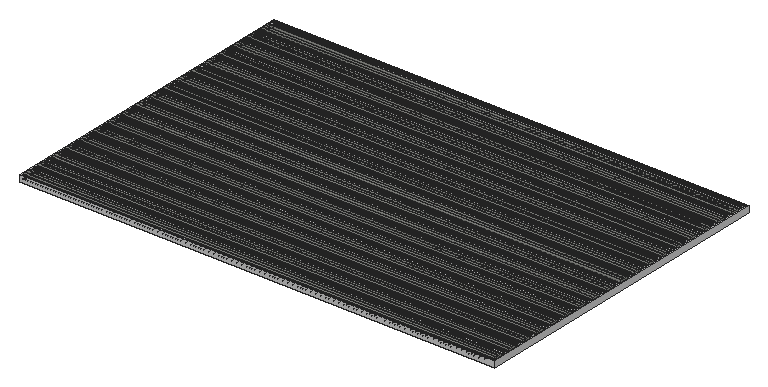
Revit family "Flooring_Entrance_Fuma_TopCleanTrend-Mit-Rips-Und-Kratzleiste_DE", category Allgemeines Modell, Revit 2018
Family settings
  Kann Basisbauteil für Bewehrung sein = Nein
  Bemaßung runder Anschluss = Durchmesser verwenden
  Teiletyp = Normal
  Arbeitsebenenbasiert = Nein
  Immer vertikal = Ja
  Beim Laden mit Abzugskörper schneiden = Nein
  Gemeinsam genutzt = Nein
  Raumberechnungspunkt = Nein
Parameters (values of type "Teppichlänge 10 mm")
  Technische Daten = "https://www.fuma.com/produkte/eingangsmatten/aluprofilmatten/top-clean-trend"
  Rips = Polypropylen - Fuma - Rips
  Produktinformation = "Diese Systemkombination punktet mit einer hochwirksamen Reinigungsleistung. Die zwischen den Profilen eingesetzten Kratzleisten erhöhen den Reinigungseffekt der Fußmatte. Zugleich werden somit die"
  Product avaibility = "weltweit\r\n"  # constant formula
  Modell-Nr = "12225 K"
  Maximale Belastung = "3.000 kg"
  Hersteller Land = "Deutschland"  # constant formula
  Minimale Teppichlänge = 300 mm  # constant formula
  Maximale Teppichlänge = 10000 mm  # constant formula
  Länge des Teppichs = 1200 mm
  Minimale Teppichbreite = 300 mm  # constant formula
  Maximale Teppichbreite = 10000 mm  # constant formula
  Edition number = 2
  Breite des Teppichs = 800 mm
  Grosse Denier = yes
  Rahmen Material = "Aluminium oder Edelstahl"
  Feine Leugner = no
  Beginn des Pinsels = Angepasste Wiederholung / 2  # 22.042 mm
  Kratzleiste = Kratzleiste - Fuma
  Abstandseinstellung = (Breite des aktuellen Teppichs - (Anzahl der aktuellen Profile * Versuchswiederholung)) / Anzahl der aktuellen Profile * 0.75  # 1.083 mm
  Versuchswiederholung = Profilbreite + Abstand zwischen den Profilen 4 6 oder 8mm + 10 mm  # 43 mm
  URL = "https://www.fuma.com/"
  Telefon = " +49 7248 450 73 0\r\n"  # constant formula
  Type Comments = ""
  Tiefen Teppich = 2.8 mm
  Angepasste Wiederholung = Versuchswiederholung + Abstandseinstellung  # 44.083 mm
  Anzahl der aktuellen Profile = rounddown(Breite des aktuellen Teppichs / Versuchswiederholung)  # 18
  Modell = "TopCleanTrend® mit Rips und Kratzleiste"
  Hersteller = "fuma Hauszubehör GmbH"  # constant formula
  Aktuelle Länge = Aktuelle Teppichlänge - (Dicke des Rahmenprofils + 2 mm) * 2  # 1190 mm
  Aktuelle Teppichlänge = if(Länge des Teppichs < Minimale Teppichlänge, Minimale Teppichlänge, if(Länge des Teppichs > Maximale Teppichlänge, Maximale Teppichlänge, Länge des Teppichs))  # 1200 mm
  Profil = Aluminum - Fuma - Grun
  Breite des Rahmenprofils = (Profilbreite + Abstand zwischen den Profilen 4 6 oder 8mm) / 2  # 16.5 mm
  Profilbreite = 27 mm
  Aktuelle Breite = Anzahl der aktuellen Profile * Angepasste Wiederholung + 2 mm  # 795.5 mm
  Breite des aktuellen Teppichs = if(Breite des Teppichs < Minimale Teppichbreite, Minimale Teppichbreite, if(Breite des Teppichs > Maximale Teppichbreite, Maximale Teppichbreite, Breite des Teppichs))  # 800 mm
  Rahmenhöhe = 15 mm
  Dicke des Teppichs = 10 mm
  Dicke des Rahmenprofils = 3 mm  # constant formula
  E-mail = "info@fuma.com"  # constant formula
  Abstand zwischen den Profilen 4 6 oder 8mm = 6 mm
  Entfernungsprofil = 10.2 mm
  Description = ""
  Gummi = Gummi - Fuma - Schwarz
  Anschrift = "Reutäckerstraße 9, 76307 Karlsbad, DE"  # constant formula
Types (4, lengths in mm): name | Grosse Denier | Feine Leugner | Tiefen Teppich | Rahmenhöhe | Dicke des Teppichs | Entfernungsprofil
  Teppichlänge 10 mm | yes | no | 2.8 | 15 | 10 | 10.2
  Teppichlänge 27 mm | no | yes | 5 | 30 | 27 | 23
  Teppichlänge 22 mm | yes | no | 5 | 25 | 22 | 18
  Teppichlänge 17 mm | yes | no | 3 | 20 | 17 | 13.5
Reference planes
  plane 1 "Center (Front/Back)": y = 0
  plane 2: z = 0
  plane 3 "Center (Left/Right)": x = 0
  plane 4: y = 800
  plane 5: x = 1200
Forms (mm)
  Sweep 1, solid, material "Aluminum - Fuma - Grun" <- "Profil"
    path origin (0, 0, 0) x (1, 0, 0) y (0, 1, 0)
      loop
        line (0, 800) -> (0, 0) -> (1200, 0) -> (1200, 800) -> (0, 800)
    profile origin (600, 800, 0) x (0, 1, 0) y (0, 0, 1)
      loop
        line (0, -3) -> (0, 12) -> (-3, 12) -> (-3, 0) -> (-16.5, 0) -> (-16.5, -3) -> (0, -3)
Dimensions and locks
  equal spacing: group 1, group 2, group 3, group 4, group 9, group 10, group 13, group 15, group 16, group 17, group 18, group 19, group 20, group 21, group 22, group 23, group 24, group 35  (x3)
  "Aktuelle Teppichlänge": plane 5 to plane 3 "Center (Left/Right)"
  "Breite des aktuellen Teppichs": plane 4 to plane 1 "Center (Front/Back)"
  "Dicke des Rahmenprofils": Sweep 1 sketch curve to Sweep 1 sketch curve  (x2)
  "Rahmenhöhe": Sweep 1 sketch curve to Sweep 1 sketch curve
  "Breite des Rahmenprofils": Sweep 1 sketch curve to Sweep 1 sketch curve
  locked: plane 1 "Center (Front/Back)" to nested 1 at 4
  "Angepasste Wiederholung": nested 1 to nested 2
  equal spacing: group 5, group 6, group 7, group 8, group 11, group 12, group 14, group 25, group 26, group 27, group 28, group 29, group 30, group 31, group 32, group 33, group 34, group 36  (x3)
  "Angepasste Wiederholung": nested 6 to nested 5
  "Beginn des Pinsels": nested 5 to nested 1
  aligned and locked: Sweep 1 sketch curve to plane 5
  aligned and locked: plane 3 "Center (Left/Right)" to Sweep 1 sketch curve
  aligned and locked: Sweep 1 sketch curve to plane 4
  aligned and locked: Sweep 1 sketch curve to plane 1 "Center (Front/Back)"
Automatic sketch dimensions
  Sweep 1 sketch curve to level = 0 mm
  Sweep 1 sketch curve to profile plane = 0 mm
Nested families
  nested 1: "Ribbed Carpet" at (4, 17.472, 0), type "Ribbed Carpet"
  nested 2: "Ribbed Carpet" at (4, 61.555, 0), type "Ribbed Carpet"
  nested 3: "Ribbed Carpet" at (4, 105.639, 0), type "Ribbed Carpet"
  nested 4: "Ribbed Carpet" at (4, 149.722, 0), type "Ribbed Carpet"
  nested 5: "Scraper Bar" at (4, 39.514, 0), type "Scraper Bar"
    with Trend 22 no, Trend 10 yes, Profondeur Tapis 2.8 mm, Hauteur 10 mm, Distance profil 10.2 mm
  nested 6: "Scraper Bar" at (4, 83.597, 0), type "Scraper Bar"
    with Trend 22 no, Trend 10 yes, Profondeur Tapis 2.8 mm, Hauteur 10 mm, Distance profil 10.2 mm
  nested 7: "Scraper Bar" at (4, 127.68, 0), type "Scraper Bar"
    with Trend 22 no, Trend 10 yes, Profondeur Tapis 2.8 mm, Hauteur 10 mm, Distance profil 10.2 mm
  nested 8: "Scraper Bar" at (4, 171.764, 0), type "Scraper Bar"
    with Trend 22 no, Trend 10 yes, Profondeur Tapis 2.8 mm, Hauteur 10 mm, Distance profil 10.2 mm
  nested 9: "Ribbed Carpet" at (4, 193.805, 0), type "Ribbed Carpet"
  nested 10: "Ribbed Carpet" at (4, 237.889, 0), type "Ribbed Carpet"
  nested 11: "Scraper Bar" at (4, 215.847, 0), type "Scraper Bar"
    with Trend 22 no, Trend 10 yes, Profondeur Tapis 2.8 mm, Hauteur 10 mm, Distance profil 10.2 mm
  nested 12: "Scraper Bar" at (4, 259.93, 0), type "Scraper Bar"
    with Trend 22 no, Trend 10 yes, Profondeur Tapis 2.8 mm, Hauteur 10 mm, Distance profil 10.2 mm
  nested 13: "Ribbed Carpet" at (4, 281.972, 0), type "Ribbed Carpet"
  nested 14: "Scraper Bar" at (4, 304.014, 0), type "Scraper Bar"
    with Trend 22 no, Trend 10 yes, Profondeur Tapis 2.8 mm, Hauteur 10 mm, Distance profil 10.2 mm
  nested 15: "Ribbed Carpet" at (4, 326.055, 0), type "Ribbed Carpet"
  nested 16: "Ribbed Carpet" at (4, 370.139, 0), type "Ribbed Carpet"
  nested 17: "Ribbed Carpet" at (4, 414.222, 0), type "Ribbed Carpet"
  nested 18: "Ribbed Carpet" at (4, 458.305, 0), type "Ribbed Carpet"
  nested 19: "Ribbed Carpet" at (4, 502.389, 0), type "Ribbed Carpet"
  nested 20: "Ribbed Carpet" at (4, 546.472, 0), type "Ribbed Carpet"
  nested 21: "Ribbed Carpet" at (4, 590.555, 0), type "Ribbed Carpet"
  nested 22: "Ribbed Carpet" at (4, 634.639, 0), type "Ribbed Carpet"
  nested 23: "Ribbed Carpet" at (4, 678.722, 0), type "Ribbed Carpet"
  nested 24: "Ribbed Carpet" at (4, 722.805, 0), type "Ribbed Carpet"
  nested 25: "Scraper Bar" at (4, 348.097, 0), type "Scraper Bar"
    with Trend 22 no, Trend 10 yes, Profondeur Tapis 2.8 mm, Hauteur 10 mm, Distance profil 10.2 mm
  nested 26: "Scraper Bar" at (4, 392.18, 0), type "Scraper Bar"
    with Trend 22 no, Trend 10 yes, Profondeur Tapis 2.8 mm, Hauteur 10 mm, Distance profil 10.2 mm
  nested 27: "Scraper Bar" at (4, 436.264, 0), type "Scraper Bar"
    with Trend 22 no, Trend 10 yes, Profondeur Tapis 2.8 mm, Hauteur 10 mm, Distance profil 10.2 mm
  nested 28: "Scraper Bar" at (4, 480.347, 0), type "Scraper Bar"
    with Trend 22 no, Trend 10 yes, Profondeur Tapis 2.8 mm, Hauteur 10 mm, Distance profil 10.2 mm
  nested 29: "Scraper Bar" at (4, 524.43, 0), type "Scraper Bar"
    with Trend 22 no, Trend 10 yes, Profondeur Tapis 2.8 mm, Hauteur 10 mm, Distance profil 10.2 mm
  nested 30: "Scraper Bar" at (4, 568.514, 0), type "Scraper Bar"
    with Trend 22 no, Trend 10 yes, Profondeur Tapis 2.8 mm, Hauteur 10 mm, Distance profil 10.2 mm
  nested 31: "Scraper Bar" at (4, 612.597, 0), type "Scraper Bar"
    with Trend 22 no, Trend 10 yes, Profondeur Tapis 2.8 mm, Hauteur 10 mm, Distance profil 10.2 mm
  nested 32: "Scraper Bar" at (4, 656.68, 0), type "Scraper Bar"
    with Trend 22 no, Trend 10 yes, Profondeur Tapis 2.8 mm, Hauteur 10 mm, Distance profil 10.2 mm
  nested 33: "Scraper Bar" at (4, 700.764, 0), type "Scraper Bar"
    with Trend 22 no, Trend 10 yes, Profondeur Tapis 2.8 mm, Hauteur 10 mm, Distance profil 10.2 mm
  nested 34: "Scraper Bar" at (4, 744.847, 0), type "Scraper Bar"
    with Trend 22 no, Trend 10 yes, Profondeur Tapis 2.8 mm, Hauteur 10 mm, Distance profil 10.2 mm
  nested 35: "Ribbed Carpet" at (4, 766.889, 0), type "Ribbed Carpet"
  nested 36: "Scraper Bar" at (4, 788.93, 0), type "Scraper Bar"
    with Trend 22 no, Trend 10 yes, Profondeur Tapis 2.8 mm, Hauteur 10 mm, Distance profil 10.2 mm
Definition of nested family "Ribbed Carpet"
  Parameters (values of type "Top Clean Profile")
    Trend 42 = Hauteur = 42 mm  # no
    Trend 27 = Hauteur = 27 mm  # no
    Trend 22 = Hauteur = 22 mm  # no
    Trend 17 = Hauteur = 17 mm  # no
    Trend 13 = Hauteur = 13 mm  # no
    Trend 10 = Hauteur = 10 mm  # yes
    URL = "https://www.geggus.fr/"
    Profondeur Tapis = 2.8 mm
    Model = "Top Clean TREND®"
    Manufacturer = "Geggus"
    Longueur = 1190 mm
    Profile = none
    Hauteur = 10 mm
    Gros deniers = yes
    Fins deniers = no
    Distance profil = 10.2 mm
    Caoutchouc = none
    Brosse = none
  Reference planes
    plane 1 "Center (Front/Back)": y = 0
    plane 2: z = 0
    plane 3 "Center (Left/Right)": x = 0
    plane 4: z = 10.2
    plane 5: z = 7.4
    plane 6: z = 7.4
    plane 7: z = 10.2
  Forms (mm)
    Extrusion 1, solid, material <- "Profile", visible <- "Trend 17"
      sketch origin (0, 0, 0) x (0, 1, 0) y (0, 0, 1)
        loop
          line (12.528, 9.5) -> (-12.472, 9.5) -> (-12.472, 6.7) -> (12.528, 6.7) -> (12.528, 9.5)
        loop
          line (12.028, 10.5) -> (-11.972, 10.5) -> (-11.972, 13.5) -> (-10.982, 13.5) -> (-10.982, 14.5) -> (-13.472, 14.5) -> (-13.472, 2) -> (-11.175, 2) -> (-11.175, 3) -> (-12.472, 3) -> (-12.472, 5.5) -> (-7.372, 5.5) -> (-7.372, 3) -> (-8.681, 3) -> (-8.681, 2) -> (-6.372, 2) -> (-6.372, 5.5) -> (6.428, 5.5) -> (6.428, 2) -> (8.737, 2) -> (8.737, 3) -> (7.428, 3) -> (7.428, 5.5) -> (12.528, 5.5) -> (12.528, 3) -> (11.231, 3) -> (11.231, 2) -> (13.528, 2) -> (13.528, 14.5) -> (11.038, 14.5) -> (11.038, 13.5) -> (12.028, 13.5) -> (12.028, 10.5)
      from 0 to 1190 <- "Longueur"
    Extrusion 2, solid, material <- "Caoutchouc"
      sketch origin (0, -9.881, 7.713) x (0, -1, 0) y (0, 0, -1)
        loop
          line (1.319, 5.713) -> (2.983, 5.713)
          arc (2.983, 5.713) -> (3.327, 5.932) -> (3.274, 6.337) r 0.38
          line (3.274, 6.337) -> (2.119, 7.713) -> (-1.881, 7.713) -> (-3.035, 6.337)
          arc (-3.035, 6.337) -> (-3.088, 5.932) -> (-2.744, 5.713) r 0.38
          line (-2.744, 5.713) -> (-1.081, 5.713) -> (-1.081, 4.76) -> (-1.866, 4.377)
          arc (-1.866, 4.377) -> (-2.114, 3.98) -> (-1.866, 3.583) r 0.442
          line (-1.866, 3.583) -> (-0.765, 3.046)
          arc (-0.765, 3.046) -> (0.119, 2.842) -> (1.004, 3.046) r 2.019
          line (1.004, 3.046) -> (2.105, 3.583)
          arc (2.105, 3.583) -> (2.353, 3.98) -> (2.105, 4.377) r 0.442
          line (2.105, 4.377) -> (1.319, 4.76) -> (1.319, 5.713)
        loop
          line (-21.081, 5.713) -> (-21.081, 4.76) -> (-21.866, 4.377)
          arc (-21.866, 4.377) -> (-22.114, 3.98) -> (-21.866, 3.583) r 0.442
          line (-21.866, 3.583) -> (-20.765, 3.046)
          arc (-20.765, 3.046) -> (-19.881, 2.842) -> (-18.996, 3.046) r 2.019
          line (-18.996, 3.046) -> (-17.895, 3.583)
          arc (-17.895, 3.583) -> (-17.647, 3.98) -> (-17.895, 4.377) r 0.442
          line (-17.895, 4.377) -> (-18.681, 4.76) -> (-18.681, 5.713) -> (-17.017, 5.713)
          arc (-17.017, 5.713) -> (-16.673, 5.932) -> (-16.726, 6.337) r 0.38
          line (-16.726, 6.337) -> (-17.881, 7.713) -> (-21.881, 7.713) -> (-23.035, 6.337)
          arc (-23.035, 6.337) -> (-23.088, 5.932) -> (-22.744, 5.713) r 0.38
          line (-22.744, 5.713) -> (-21.081, 5.713)
      from 0 to 1190 <- "Longueur"
    Extrusion 3, solid, material <- "Brosse", visible <- "Gros deniers"
      sketch origin (0, 0.264, 37.152) x (0, 1, 0) y (0, 0, 1)
        loop
          arc (11.75, -27.533) -> (11.58, -27.122) -> (11.169, -26.952) r 0.581
          line (11.169, -26.952) -> (9.75, -26.952) -> (9.992, -26.206)
          arc (9.992, -26.206) -> (7.6, -22.913) -> (5.208, -26.206) r 2.516
          line (5.208, -26.206) -> (5.45, -26.952) -> (1.89, -26.952) -> (2.132, -26.206)
          arc (2.132, -26.206) -> (-0.26, -22.913) -> (-2.652, -26.206) r 2.516
          line (-2.652, -26.206) -> (-2.41, -26.952) -> (-5.95, -26.952) -> (-5.708, -26.206)
          arc (-5.708, -26.206) -> (-8.1, -22.913) -> (-10.492, -26.206) r 2.516
          line (-10.492, -26.206) -> (-10.25, -26.952) -> (-11.607, -26.952)
          arc (-11.607, -26.952) -> (-12.062, -27.14) -> (-12.25, -27.595) r 0.643
          line (-12.25, -27.595) -> (-12.25, -29.149)
          arc (-12.25, -29.149) -> (-12.073, -29.576) -> (-11.647, -29.752) r 0.603
          line (-11.647, -29.752) -> (11.12, -29.752)
          arc (11.12, -29.752) -> (11.566, -29.568) -> (11.75, -29.122) r 0.63
          line (11.75, -29.122) -> (11.75, -27.533)
      from 0 to 1190 <- "Longueur"
    Extrusion 4, solid, material <- "Brosse", visible <- "Fins deniers"
      sketch origin (0, 0.014, 25.086) x (0, 1, 0) y (0, 0, 1)
        loop
          line (11.75, -14.886) -> (10.022, -14.886) -> (10.288, -13.376)
          arc (10.288, -13.376) -> (8.35, -10.881) -> (6.412, -13.376) r 2
          line (6.412, -13.376) -> (6.678, -14.886) -> (4.472, -14.886) -> (4.738, -13.376)
          arc (4.738, -13.376) -> (2.8, -10.881) -> (0.862, -13.376) r 2
          line (0.862, -13.376) -> (1.128, -14.886) -> (-1.128, -14.886) -> (-0.862, -13.376)
          arc (-0.862, -13.376) -> (-2.8, -10.881) -> (-4.738, -13.376) r 2
          line (-4.738, -13.376) -> (-4.472, -14.886) -> (-6.678, -14.886) -> (-6.412, -13.376)
          arc (-6.412, -13.376) -> (-8.35, -10.881) -> (-10.288, -13.376) r 2
          line (-10.288, -13.376) -> (-10.022, -14.886) -> (-11.75, -14.886) -> (-11.75, -17.686) -> (11.75, -17.686) -> (11.75, -14.886)
      from 0 to 1190 <- "Longueur"
    Extrusion 5, solid, material <- "Profile", visible <- "Trend 22"
      sketch origin (0, 0.25, 15.623) x (0, 1, 0) y (0, 0, 1)
        loop
          line (8.549, -13.623) -> (8.549, -12.67) -> (7.498, -12.67) -> (7.498, -9.628) -> (12.25, -9.628) -> (12.25, -12.67) -> (10.95, -12.67) -> (10.95, -13.623) -> (12.563, -13.623)
          arc (12.563, -13.623) -> (13.049, -13.422) -> (13.25, -12.937) r 0.687
          line (13.25, -12.937) -> (13.25, 3.375) -> (13, 2.442) -> (12.75, 3.375) -> (12.508, 2.472) -> (12.249, 3.374) -> (12, 2.504) -> (11.75, 3.375)
          arc (11.75, 3.375) -> (11.003, 2.872) -> (11.75, 2.37) r 0.542
          line (11.75, 2.37) -> (11.75, -2.619) -> (-12.25, -2.619) -> (-12.25, 2.37)
          arc (-12.25, 2.37) -> (-11.503, 2.872) -> (-12.25, 3.375) r 0.542
          line (-12.25, 3.375) -> (-12.5, 2.504) -> (-12.749, 3.374) -> (-13.008, 2.472) -> (-13.25, 3.375) -> (-13.5, 2.442) -> (-13.75, 3.375) -> (-13.75, -12.937)
          arc (-13.75, -12.937) -> (-13.549, -13.422) -> (-13.063, -13.623) r 0.687
          line (-13.063, -13.623) -> (-11.45, -13.623) -> (-11.45, -12.67) -> (-12.75, -12.67) -> (-12.75, -9.628) -> (-7.998, -9.628) -> (-7.998, -12.67) -> (-9.049, -12.67) -> (-9.049, -13.623) -> (-6.75, -13.623) -> (-6.75, -9.628) -> (6.25, -9.628) -> (6.25, -13.623) -> (8.549, -13.623)
        loop
          arc (11.684, -8.63) -> (12.084, -8.464) -> (12.25, -8.063) r 0.566
          line (12.25, -8.063) -> (12.25, -4.232)
          arc (12.25, -4.232) -> (12.074, -3.807) -> (11.65, -3.632) r 0.6
          line (11.65, -3.632) -> (-12.19, -3.632)
          arc (-12.19, -3.632) -> (-12.586, -3.796) -> (-12.75, -4.191) r 0.56
          line (-12.75, -4.191) -> (-12.75, -8.023)
          arc (-12.75, -8.023) -> (-12.572, -8.452) -> (-12.144, -8.63) r 0.606
          line (-12.144, -8.63) -> (11.684, -8.63)
      from 0 to 1190 <- "Longueur"
    Extrusion 6, solid, material <- "Profile", visible <- "Trend 27"
      sketch origin (0, -0.028, 0) x (0, 1, 0) y (0, 0, 1)
        loop
          line (11.028, 16.864) -> (-10.972, 16.864)
          arc (-10.972, 16.864) -> (-11.679, 16.571) -> (-11.972, 15.864) r 1
          line (-11.972, 15.864) -> (-11.972, 8.201)
          arc (-11.972, 8.201) -> (-11.679, 7.494) -> (-10.972, 7.201) r 1
          line (-10.972, 7.201) -> (11.028, 7.201)
          arc (11.028, 7.201) -> (11.735, 7.494) -> (12.028, 8.201) r 1
          line (12.028, 8.201) -> (12.028, 15.864)
          arc (12.028, 15.864) -> (11.735, 16.571) -> (11.028, 16.864) r 1
        loop
          line (12.028, 18.021) -> (-11.972, 18.021) -> (-11.972, 23.003) -> (-10.982, 23.003) -> (-10.982, 24.003) -> (-13.472, 24.003) -> (-13.472, 2) -> (-11.175, 2) -> (-11.175, 3) -> (-12.472, 3) -> (-12.472, 5.966) -> (-7.372, 5.966) -> (-7.372, 3) -> (-8.681, 3) -> (-8.681, 2) -> (-6.372, 2) -> (-6.372, 5.966) -> (6.428, 5.966) -> (6.428, 2) -> (8.737, 2) -> (8.737, 3) -> (7.428, 3) -> (7.428, 5.966) -> (12.528, 5.966) -> (12.528, 3) -> (11.231, 3) -> (11.231, 2) -> (13.528, 2) -> (13.528, 24.003) -> (11.038, 24.003) -> (11.038, 23.003) -> (12.028, 23.003) -> (12.028, 18.021)
      from 0 to 1190 <- "Longueur"
    Extrusion 7, solid, material <- "Profile", visible <- "Trend 10"
      sketch origin (0, 0, 8.025) x (0, 1, 0) y (0, 0, 1)
        loop
          line (8.804, -6.025) -> (8.804, -5.072) -> (7.498, -5.072) -> (7.498, -2.031) -> (12.498, -2.031) -> (12.498, -5.072) -> (11.204, -5.072) -> (11.204, -6.025) -> (12.626, -6.025)
          arc (12.626, -6.025) -> (13.263, -5.761) -> (13.527, -5.124) r 0.902
          line (13.527, -5.124) -> (13.527, 2.339)
          arc (13.527, 2.339) -> (13.624, 2.92) -> (13.25, 3.375) r 0.711
          line (13.25, 3.375) -> (13, 2.442) -> (12.75, 3.375) -> (12.508, 2.472) -> (12.249, 3.374) -> (12, 2.504) -> (11.75, 3.375)
          arc (11.75, 3.375) -> (11.003, 2.872) -> (11.75, 2.37) r 0.542
          line (11.75, 2.37) -> (11.75, -0.638) -> (-11.75, -0.638) -> (-11.75, 2.37)
          arc (-11.75, 2.37) -> (-11.003, 2.872) -> (-11.75, 3.375) r 0.542
          line (-11.75, 3.375) -> (-12, 2.504) -> (-12.249, 3.374) -> (-12.508, 2.472) -> (-12.75, 3.375) -> (-13, 2.442) -> (-13.25, 3.375)
          arc (-13.25, 3.375) -> (-13.624, 2.92) -> (-13.527, 2.339) r 0.711
          line (-13.527, 2.339) -> (-13.527, -5.124)
          arc (-13.527, -5.124) -> (-13.263, -5.761) -> (-12.626, -6.025) r 0.902
          line (-12.626, -6.025) -> (-11.204, -6.025) -> (-11.204, -5.072) -> (-12.498, -5.072) -> (-12.498, -2.031) -> (-7.498, -2.031) -> (-7.498, -5.072) -> (-8.804, -5.072) -> (-8.804, -6.025) -> (8.804, -6.025)
        loop
          line (-5.764, -5.072) -> (5.764, -5.072)
          arc (5.764, -5.072) -> (6.289, -4.855) -> (6.506, -4.329) r 0.743
          line (6.506, -4.329) -> (6.506, -2.723)
          arc (6.506, -2.723) -> (6.303, -2.233) -> (5.814, -2.031) r 0.692
          line (5.814, -2.031) -> (-5.814, -2.031)
          arc (-5.814, -2.031) -> (-6.303, -2.233) -> (-6.506, -2.723) r 0.692
          line (-6.506, -2.723) -> (-6.506, -4.329)
          arc (-6.506, -4.329) -> (-6.289, -4.855) -> (-5.764, -5.072) r 0.743
      from 0 to 1190 <- "Longueur"
  Dimensions and locks
    "Profondeur Tapis": plane 5 to plane 4
    "Distance profil": level to plane 4
    "Profondeur Tapis": plane 6 to plane 7
    "Distance profil": plane 7 to level
    aligned and locked: plane 4 to Extrusion 4 sketch curve
    aligned and locked: Extrusion 4 sketch curve to Extrusion 4 sketch curve  (x4)
    aligned and locked: plane 6 to Extrusion 3 sketch curve
    aligned and locked: plane 7 to Extrusion 3 sketch curve
    aligned and locked: Extrusion 3 sketch curve to Extrusion 3 sketch curve  (x3)
  Automatic sketch dimensions
    plane 1 "Center (Front/Back)" to Extrusion 1 sketch curve = 13.472 mm
    Extrusion 1 sketch curve to Extrusion 1 sketch curve = 1 mm  (x12)
    Extrusion 1 sketch curve to Extrusion 1 sketch curve = 0.5 mm  (x2)
    Extrusion 1 sketch curve to Extrusion 1 sketch curve = 1.297 mm
    Extrusion 1 sketch curve to Extrusion 1 sketch curve = 0.99 mm  (x2)
    Extrusion 1 sketch curve to Extrusion 1 sketch curve = 2.495 mm  (x2)
    Extrusion 1 sketch curve to Extrusion 1 sketch curve = 1.309 mm  (x2)
    level to Extrusion 1 sketch curve = 2 mm  (x4)
    Extrusion 1 sketch curve to plane 1 "Center (Front/Back)" = 6.428 mm
    Extrusion 1 sketch curve to Extrusion 1 sketch curve = 3.61 mm
    Extrusion 1 sketch curve to Extrusion 1 sketch curve = 0 mm  (x3)
    Extrusion 1 sketch curve to Extrusion 1 sketch curve = 2.5 mm
    Extrusion 1 sketch curve to Extrusion 1 sketch curve = 1.2 mm
    Extrusion 1 sketch curve to Extrusion 1 sketch curve = 2.8 mm
    Extrusion 1 sketch curve to Extrusion 1 sketch curve = 3 mm  (x2)
    Extrusion 2 sketch curve to level = 0 mm  (x2)
    level to Extrusion 2 sketch curve = 1.376 mm  (x4)
    Extrusion 2 sketch curve to plane 1 "Center (Front/Back)" = 13.155 mm
    Extrusion 2 sketch curve to Extrusion 2 sketch curve = 0.291 mm  (x4)
    Extrusion 2 sketch curve to Extrusion 2 sketch curve = 1.155 mm  (x2)
    level to Extrusion 2 sketch curve = 4.13 mm  (x3)
    Extrusion 2 sketch curve to Extrusion 2 sketch curve = 0.878 mm  (x3)
    Extrusion 2 sketch curve to Extrusion 2 sketch curve = 0.194 mm  (x7)
    Extrusion 2 sketch curve to Extrusion 2 sketch curve = 0.592 mm  (x3)
    level to Extrusion 2 sketch curve = 4.667 mm  (x3)
    Extrusion 2 sketch curve to Extrusion 2 sketch curve = 1.1 mm  (x2)
    Extrusion 2 sketch curve to Extrusion 2 sketch curve = 1.2 mm  (x4)
    level to Extrusion 2 sketch curve = 2.953 mm  (x2)
    level to Extrusion 2 sketch curve = 3.336 mm  (x4)
    Extrusion 2 sketch curve to Extrusion 2 sketch curve = 0.8 mm  (x2)
    plane 1 "Center (Front/Back)" to Extrusion 2 sketch curve = 6.845 mm
    Extrusion 2 sketch curve to Extrusion 2 sketch curve = 0 mm
    Extrusion 2 sketch curve to Extrusion 2 sketch curve = 0.785 mm
    Extrusion 2 sketch curve to Extrusion 2 sketch curve = 1.77 mm
    Extrusion 2 sketch curve to Extrusion 2 sketch curve = 1.664 mm
    Extrusion 2 sketch curve to Extrusion 2 sketch curve = 0.794 mm
    Extrusion 2 sketch curve to Extrusion 2 sketch curve = 0.397 mm  (x2)
    Extrusion 2 sketch curve to Extrusion 2 sketch curve = 0.78 mm  (x2)
    Extrusion 2 sketch curve to Extrusion 2 sketch curve = 0.101 mm  (x2)
    Extrusion 2 sketch curve to Extrusion 2 sketch curve = 0.953 mm  (x3)
    Extrusion 2 sketch curve to Extrusion 2 sketch curve = 0.624 mm
    plane 1 "Center (Front/Back)" to Extrusion 5 sketch curve = 13.5 mm
    Extrusion 5 sketch curve to Extrusion 5 sketch curve = 0.25 mm  (x2)
    Extrusion 5 sketch curve to Extrusion 5 sketch curve = 0.5 mm  (x3)
    Extrusion 5 sketch curve to Extrusion 5 sketch curve = 0.687 mm
    Extrusion 5 sketch curve to Extrusion 5 sketch curve = 0.492 mm  (x2)
    Extrusion 5 sketch curve to Extrusion 5 sketch curve = 0.258 mm
    Extrusion 5 sketch curve to Extrusion 5 sketch curve = 0.313 mm  (x2)
    Extrusion 5 sketch curve to Extrusion 5 sketch curve = 0.501 mm  (x2)
    Extrusion 5 sketch curve to Extrusion 5 sketch curve = 0.508 mm  (x2)
    Extrusion 5 sketch curve to Extrusion 5 sketch curve = 0.499 mm  (x2)
    Extrusion 5 sketch curve to Extrusion 5 sketch curve = 0.56 mm
    Extrusion 5 sketch curve to Extrusion 5 sketch curve = 0.606 mm
    Extrusion 5 sketch curve to Extrusion 5 sketch curve = 0.205 mm  (x2)
    Extrusion 5 sketch curve to Extrusion 5 sketch curve = 1.3 mm  (x2)
    Extrusion 5 sketch curve to Extrusion 5 sketch curve = 2.401 mm  (x2)
    Extrusion 5 sketch curve to Extrusion 5 sketch curve = 1.051 mm  (x2)
    Extrusion 5 sketch curve to Extrusion 5 sketch curve = 1.248 mm  (x2)
    Extrusion 5 sketch curve to plane 1 "Center (Front/Back)" = 6.5 mm
    Extrusion 5 sketch curve to plane 1 "Center (Front/Back)" = 11.795 mm
    Extrusion 5 sketch curve to Extrusion 5 sketch curve = 0.105 mm
    Extrusion 5 sketch curve to Extrusion 5 sketch curve = 0.034 mm
    Extrusion 5 sketch curve to Extrusion 5 sketch curve = 0.1 mm
    Extrusion 5 sketch curve to Extrusion 5 sketch curve = 0.6 mm
    level to Extrusion 5 sketch curve = 2 mm
    Extrusion 5 sketch curve to Extrusion 5 sketch curve = 0 mm  (x6)
    Extrusion 5 sketch curve to Extrusion 5 sketch curve = 0.953 mm  (x3)
    Extrusion 5 sketch curve to Extrusion 5 sketch curve = 0.267 mm
    Extrusion 5 sketch curve to Extrusion 5 sketch curve = 3.042 mm  (x2)
    Extrusion 5 sketch curve to Extrusion 5 sketch curve = 0.999 mm
    Extrusion 5 sketch curve to Extrusion 5 sketch curve = 3.832 mm
    Extrusion 5 sketch curve to Extrusion 5 sketch curve = 1.013 mm
    Extrusion 5 sketch curve to Extrusion 5 sketch curve = 4.989 mm  (x2)
    Extrusion 5 sketch curve to Extrusion 5 sketch curve = 0.071 mm  (x2)
    Extrusion 5 sketch curve to Extrusion 5 sketch curve = 0.03 mm  (x2)
    Extrusion 5 sketch curve to Extrusion 5 sketch curve = 0.133 mm  (x2)
    Extrusion 5 sketch curve to Extrusion 5 sketch curve = 0.502 mm  (x2)
    Extrusion 5 sketch curve to Extrusion 5 sketch curve = 0.001 mm  (x3)
    Extrusion 5 sketch curve to Extrusion 5 sketch curve = 0.933 mm
    plane 1 "Center (Front/Back)" to Extrusion 6 sketch curve = 13.5 mm
    Extrusion 6 sketch curve to Extrusion 6 sketch curve = 1 mm  (x13)
    Extrusion 6 sketch curve to Extrusion 6 sketch curve = 0.5 mm
    Extrusion 6 sketch curve to Extrusion 6 sketch curve = 0 mm  (x7)
    Extrusion 6 sketch curve to Extrusion 6 sketch curve = 1.297 mm
    Extrusion 6 sketch curve to Extrusion 6 sketch curve = 0.99 mm  (x2)
    Extrusion 6 sketch curve to Extrusion 6 sketch curve = 2.495 mm  (x2)
    Extrusion 6 sketch curve to Extrusion 6 sketch curve = 1.309 mm  (x2)
    Extrusion 6 sketch curve to Extrusion 6 sketch curve = 12.8 mm
    Extrusion 6 sketch curve to Extrusion 6 sketch curve = 3.6 mm
    Extrusion 6 sketch curve to Extrusion 6 sketch curve = 0.01 mm
    Extrusion 6 sketch curve to Extrusion 6 sketch curve = 1.5 mm
    level to Extrusion 6 sketch curve = 2 mm
    Extrusion 6 sketch curve to Extrusion 6 sketch curve = 2.966 mm
    Extrusion 6 sketch curve to Extrusion 6 sketch curve = 1.236 mm
    Extrusion 6 sketch curve to Extrusion 6 sketch curve = 7.663 mm
    Extrusion 6 sketch curve to Extrusion 6 sketch curve = 1.157 mm
    Extrusion 6 sketch curve to Extrusion 6 sketch curve = 4.982 mm  (x2)
    level to Extrusion 7 sketch curve = 2.902 mm
    plane 1 "Center (Front/Back)" to Extrusion 7 sketch curve = 13.527 mm
    Extrusion 7 sketch curve to Extrusion 7 sketch curve = 0.277 mm
    Extrusion 7 sketch curve to Extrusion 7 sketch curve = 0.527 mm
    Extrusion 7 sketch curve to Extrusion 7 sketch curve = 0.062 mm  (x2)
    Extrusion 7 sketch curve to Extrusion 7 sketch curve = 0.5 mm  (x2)
    Extrusion 7 sketch curve to Extrusion 7 sketch curve = 0.902 mm  (x2)
    Extrusion 7 sketch curve to Extrusion 7 sketch curve = 0.492 mm
    Extrusion 7 sketch curve to Extrusion 7 sketch curve = 0.128 mm  (x2)
    Extrusion 7 sketch curve to Extrusion 7 sketch curve = 0.501 mm  (x2)
    Extrusion 7 sketch curve to Extrusion 7 sketch curve = 0.508 mm  (x2)
    Extrusion 7 sketch curve to Extrusion 7 sketch curve = 0.748 mm
    Extrusion 7 sketch curve to Extrusion 7 sketch curve = 0.499 mm  (x2)
    Extrusion 7 sketch curve to Extrusion 7 sketch curve = 0.205 mm  (x3)
    Extrusion 7 sketch curve to Extrusion 7 sketch curve = 1.422 mm
    Extrusion 7 sketch curve to Extrusion 7 sketch curve = 2.4 mm  (x2)
    Extrusion 7 sketch curve to Extrusion 7 sketch curve = 1.306 mm  (x2)
    Extrusion 7 sketch curve to Extrusion 7 sketch curve = 0.992 mm  (x2)
    Extrusion 7 sketch curve to Extrusion 7 sketch curve = 0.692 mm  (x2)
    Extrusion 7 sketch curve to Extrusion 7 sketch curve = 0.743 mm  (x3)
    Extrusion 7 sketch curve to plane 1 "Center (Front/Back)" = 5.764 mm
    Extrusion 7 sketch curve to Extrusion 7 sketch curve = 0.05 mm
    Extrusion 7 sketch curve to Extrusion 7 sketch curve = 4.047 mm
    Extrusion 7 sketch curve to Extrusion 7 sketch curve = 0.25 mm
    Extrusion 7 sketch curve to Extrusion 7 sketch curve = 1.294 mm
    Extrusion 7 sketch curve to Extrusion 7 sketch curve = 0.43 mm
    level to Extrusion 7 sketch curve = 2 mm  (x2)
    Extrusion 7 sketch curve to Extrusion 7 sketch curve = 0.953 mm  (x3)
    level to Extrusion 7 sketch curve = 2.953 mm
    Extrusion 7 sketch curve to Extrusion 7 sketch curve = 1.606 mm
    Extrusion 7 sketch curve to Extrusion 7 sketch curve = 3.042 mm
    Extrusion 7 sketch curve to Extrusion 7 sketch curve = 1.393 mm
    Extrusion 7 sketch curve to Extrusion 7 sketch curve = 2.977 mm  (x2)
    Extrusion 7 sketch curve to Extrusion 7 sketch curve = 0.031 mm  (x2)
    Extrusion 7 sketch curve to Extrusion 7 sketch curve = 0.102 mm  (x2)
    Extrusion 7 sketch curve to Extrusion 7 sketch curve = 0.03 mm  (x2)
    Extrusion 7 sketch curve to Extrusion 7 sketch curve = 0.133 mm  (x2)
    Extrusion 7 sketch curve to Extrusion 7 sketch curve = 0.295 mm  (x2)
    Extrusion 7 sketch curve to Extrusion 7 sketch curve = 0.502 mm  (x2)
    Extrusion 7 sketch curve to Extrusion 7 sketch curve = 0.001 mm  (x2)
    Extrusion 7 sketch curve to Extrusion 7 sketch curve = 0 mm  (x2)
    plane 7 to Extrusion 3 sketch curve = 0.643 mm
    plane 1 "Center (Front/Back)" to Extrusion 3 sketch curve = 11.986 mm
    Extrusion 3 sketch curve to Extrusion 3 sketch curve = 0.603 mm
    Extrusion 3 sketch curve to plane 7 = 0.746 mm  (x6)
    Extrusion 3 sketch curve to Extrusion 3 sketch curve = 1.115 mm
    Extrusion 3 sketch curve to Extrusion 3 sketch curve = 0.242 mm  (x3)
    Extrusion 3 sketch curve to Extrusion 3 sketch curve = 2.392 mm  (x2)
    Extrusion 3 sketch curve to Extrusion 3 sketch curve = 2.15 mm  (x2)
    plane 1 "Center (Front/Back)" to Extrusion 3 sketch curve = 2.389 mm
    Extrusion 3 sketch curve to plane 1 "Center (Front/Back)" = 0.003 mm
    Extrusion 3 sketch curve to plane 1 "Center (Front/Back)" = 2.153 mm
    Extrusion 3 sketch curve to Extrusion 3 sketch curve = 3.075 mm
    Extrusion 3 sketch curve to Extrusion 3 sketch curve = 1.37 mm
    plane 7 to Extrusion 3 sketch curve = 0.581 mm
    Extrusion 3 sketch curve to Extrusion 3 sketch curve = 1.419 mm
    Extrusion 3 sketch curve to plane 7 = 1.524 mm  (x3)
    Extrusion 4 sketch curve to plane 5 = 0 mm
    plane 1 "Center (Front/Back)" to Extrusion 4 sketch curve = 11.736 mm
    Extrusion 4 sketch curve to plane 4 = 1.509 mm  (x6)
    Extrusion 4 sketch curve to Extrusion 4 sketch curve = 1.462 mm
    Extrusion 4 sketch curve to Extrusion 4 sketch curve = 0.266 mm  (x4)
    Extrusion 4 sketch curve to Extrusion 4 sketch curve = 1.938 mm  (x4)
    Extrusion 4 sketch curve to Extrusion 4 sketch curve = 1.672 mm  (x3)
    Extrusion 4 sketch curve to Extrusion 4 sketch curve = 1.674 mm  (x2)
    plane 1 "Center (Front/Back)" to Extrusion 4 sketch curve = 1.115 mm
    plane 1 "Center (Front/Back)" to Extrusion 4 sketch curve = 0.849 mm
    Extrusion 4 sketch curve to plane 1 "Center (Front/Back)" = 0.876 mm
    Extrusion 4 sketch curve to plane 1 "Center (Front/Back)" = 1.142 mm
    Extrusion 4 sketch curve to Extrusion 4 sketch curve = 1.728 mm
    Extrusion 4 sketch curve to Extrusion 4 sketch curve = 0.495 mm  (x4)
Definition of nested family "Scraper Bar"
  Parameters (values of type "Scraper Bar")
    Trend 42 = Hauteur = 42 mm  # no
    Trend 27 = Hauteur = 27 mm  # no
    Trend 22 = Hauteur = 22 mm  # yes
    Trend 17 = Hauteur = 17 mm  # no
    Trend 13 = Hauteur = 13 mm  # no
    Trend 10 = Hauteur = 10 mm  # no
    URL = "https://www.geggus.fr/"
    Profondeur Tapis = 5 mm
    Model = "TopCleanTrend® with Ribbed Carpet and Scraper Bar"
    Manufacturer = "Geggus"
    Longueur = 1190 mm
    Profile = none
    Hauteur = 22 mm
    Gros deniers = yes
    Fintion 2 = none
    Fins deniers = no
    Distance profil = 18 mm
    Caoutchouc = none
    Brosse = none
  Reference planes
    plane 1 "Center (Front/Back)": y = 0
    plane 2: z = 0
    plane 3 "Center (Left/Right)": x = 0
  Forms (mm)
    Extrusion 1, solid, material <- "Profile", visible <- "Trend 17"
      sketch origin (0, 0, 0) x (0, 1, 0) y (0, 0, 1)
        loop
          line (0, 19.425) -> (-0.787, 18.417)
          arc (-0.787, 18.417) -> (-0.957, 17.915) -> (-1.403, 17.629) r 0.8
          arc (-1.403, 17.629) -> (-1.573, 17.127) -> (-2.019, 16.841) r 0.8
          arc (-2.019, 16.841) -> (-2.188, 16.339) -> (-2.634, 16.053) r 0.8
          arc (-2.634, 16.053) -> (-2.807, 15.547) -> (-3.26, 15.263) r 0.8
          line (-3.26, 15.263) -> (-3.26, 2.525)
          arc (-3.26, 2.525) -> (-3.106, 2.154) -> (-2.735, 2) r 0.525
          line (-2.735, 2) -> (-1.751, 2) -> (-1.2, 2.997) -> (-2.25, 2.997) -> (-2.25, 5.997) -> (2.25, 5.997) -> (2.25, 2.997) -> (1.2, 2.997) -> (1.751, 2) -> (2.735, 2)
          arc (2.735, 2) -> (3.106, 2.154) -> (3.26, 2.525) r 0.525
          line (3.26, 2.525) -> (3.26, 15.263)
          arc (3.26, 15.263) -> (2.807, 15.547) -> (2.634, 16.053) r 0.8
          arc (2.634, 16.053) -> (2.188, 16.339) -> (2.019, 16.841) r 0.8
          arc (2.019, 16.841) -> (1.573, 17.127) -> (1.403, 17.629) r 0.8
          arc (1.403, 17.629) -> (0.957, 17.915) -> (0.787, 18.417) r 0.8
          line (0.787, 18.417) -> (0, 19.425)
        loop
          arc (1.717, 7.197) -> (2.094, 7.354) -> (2.25, 7.73) r 0.533
          line (2.25, 7.73) -> (2.25, 9.979)
          arc (2.25, 9.979) -> (2.097, 10.347) -> (1.729, 10.5) r 0.521
          line (1.729, 10.5) -> (-1.729, 10.5)
          arc (-1.729, 10.5) -> (-2.097, 10.347) -> (-2.25, 9.979) r 0.521
          line (-2.25, 9.979) -> (-2.25, 7.73)
          arc (-2.25, 7.73) -> (-2.094, 7.354) -> (-1.717, 7.197) r 0.533
          line (-1.717, 7.197) -> (1.717, 7.197)
        loop
          arc (1.715, 11.5) -> (2.093, 11.657) -> (2.25, 12.035) r 0.535
          line (2.25, 12.035) -> (2.25, 14.023)
          arc (2.25, 14.023) -> (2.165, 14.528) -> (1.921, 14.978) r 1.551
          line (1.921, 14.978) -> (0.427, 16.891)
          arc (0.427, 16.891) -> (0, 17.099) -> (-0.427, 16.891) r 0.541
          line (-0.427, 16.891) -> (-1.921, 14.978)
          arc (-1.921, 14.978) -> (-2.165, 14.528) -> (-2.25, 14.023) r 1.551
          line (-2.25, 14.023) -> (-2.25, 12.035)
          arc (-2.25, 12.035) -> (-2.093, 11.657) -> (-1.715, 11.5) r 0.535
          line (-1.715, 11.5) -> (1.715, 11.5)
      from 0 to 1190 <- "Longueur"
    Extrusion 2, solid, material <- "Caoutchouc"
      sketch origin (0, -9.881, 7.713) x (0, -1, 0) y (0, 0, -1)
        loop
          line (-8.742, 5.713) -> (-7.579, 5.713)
          arc (-7.579, 5.713) -> (-7.234, 5.932) -> (-7.288, 6.337) r 0.38
          line (-7.288, 6.337) -> (-8.442, 7.713) -> (-11.412, 7.713) -> (-12.567, 6.337)
          arc (-12.567, 6.337) -> (-12.62, 5.932) -> (-12.276, 5.713) r 0.38
          line (-12.276, 5.713) -> (-11.112, 5.713) -> (-11.112, 4.76) -> (-11.897, 4.377)
          arc (-11.897, 4.377) -> (-12.146, 3.98) -> (-11.897, 3.583) r 0.442
          line (-11.897, 3.583) -> (-10.797, 3.046) -> (-9.057, 3.046) -> (-7.957, 3.583)
          arc (-7.957, 3.583) -> (-7.709, 3.98) -> (-7.957, 4.377) r 0.442
          line (-7.957, 4.377) -> (-8.742, 4.76) -> (-8.742, 5.713)
      from 0 to 1190 <- "Longueur"
    Extrusion 3, solid, material <- "Profile", visible <- "Trend 22"
      sketch origin (0, 0.25, 15.623) x (0, 1, 0) y (0, 0, 1)
        loop
          line (-0.25, 6.499) -> (-1.037, 5.491)
          arc (-1.037, 5.491) -> (-1.207, 4.989) -> (-1.653, 4.703) r 0.8
          arc (-1.653, 4.703) -> (-1.823, 4.201) -> (-2.269, 3.915) r 0.8
          arc (-2.269, 3.915) -> (-2.438, 3.413) -> (-2.884, 3.127) r 0.8
          arc (-2.884, 3.127) -> (-3.057, 2.621) -> (-3.51, 2.337) r 0.8
          line (-3.51, 2.337) -> (-3.51, -13.099)
          arc (-3.51, -13.099) -> (-3.356, -13.47) -> (-2.985, -13.623) r 0.525
          line (-2.985, -13.623) -> (-2.001, -13.623) -> (-1.45, -12.626) -> (-2.5, -12.626) -> (-2.5, -9.626) -> (2, -9.626) -> (2, -12.626) -> (0.95, -12.626) -> (1.501, -13.623) -> (2.485, -13.623)
          arc (2.485, -13.623) -> (2.856, -13.47) -> (3.01, -13.099) r 0.525
          line (3.01, -13.099) -> (3.01, 2.337)
          arc (3.01, 2.337) -> (2.557, 2.621) -> (2.384, 3.127) r 0.8
          arc (2.384, 3.127) -> (1.938, 3.413) -> (1.769, 3.915) r 0.8
          arc (1.769, 3.915) -> (1.323, 4.201) -> (1.153, 4.703) r 0.8
          arc (1.153, 4.703) -> (0.707, 4.989) -> (0.537, 5.491) r 0.8
          line (0.537, 5.491) -> (-0.25, 6.499)
        loop
          arc (1.467, -8.426) -> (1.844, -8.27) -> (2, -7.893) r 0.533
          line (2, -7.893) -> (2, -2.947)
          arc (2, -2.947) -> (1.847, -2.579) -> (1.479, -2.426) r 0.521
          line (1.479, -2.426) -> (-1.979, -2.426)
          arc (-1.979, -2.426) -> (-2.347, -2.579) -> (-2.5, -2.947) r 0.521
          line (-2.5, -2.947) -> (-2.5, -7.893)
          arc (-2.5, -7.893) -> (-2.344, -8.27) -> (-1.967, -8.426) r 0.533
          line (-1.967, -8.426) -> (1.467, -8.426)
        loop
          arc (1.465, -1.426) -> (1.843, -1.269) -> (2, -0.891) r 0.535
          line (2, -0.891) -> (2, 1.097)
          arc (2, 1.097) -> (1.915, 1.602) -> (1.671, 2.052) r 1.551
          line (1.671, 2.052) -> (0.177, 3.965)
          arc (0.177, 3.965) -> (-0.25, 4.173) -> (-0.677, 3.965) r 0.541
          line (-0.677, 3.965) -> (-2.171, 2.052)
          arc (-2.171, 2.052) -> (-2.415, 1.602) -> (-2.5, 1.097) r 1.551
          line (-2.5, 1.097) -> (-2.5, -0.891)
          arc (-2.5, -0.891) -> (-2.343, -1.269) -> (-1.965, -1.426) r 0.535
          line (-1.965, -1.426) -> (1.465, -1.426)
      from 0 to 1190 <- "Longueur"
    Extrusion 4, solid, material <- "Profile", visible <- "Trend 27"
      sketch origin (0, -0.028, 0) x (0, 1, 0) y (0, 0, 1)
        loop
          line (0.028, 26.946) -> (-0.759, 25.938)
          arc (-0.759, 25.938) -> (-0.929, 25.436) -> (-1.375, 25.15) r 0.8
          arc (-1.375, 25.15) -> (-1.544, 24.648) -> (-1.991, 24.362) r 0.8
          arc (-1.991, 24.362) -> (-2.16, 23.86) -> (-2.606, 23.574) r 0.8
          arc (-2.606, 23.574) -> (-2.779, 23.068) -> (-3.232, 22.783) r 0.8
          line (-3.232, 22.783) -> (-3.232, 2.525)
          arc (-3.232, 2.525) -> (-3.078, 2.154) -> (-2.707, 2) r 0.525
          line (-2.707, 2) -> (-1.723, 2) -> (-1.172, 2.997) -> (-2.222, 2.997) -> (-2.222, 5.997) -> (2.278, 5.997) -> (2.278, 2.997) -> (1.228, 2.997) -> (1.779, 2) -> (2.763, 2)
          arc (2.763, 2) -> (3.134, 2.154) -> (3.288, 2.525) r 0.525
          line (3.288, 2.525) -> (3.288, 22.783)
          arc (3.288, 22.783) -> (2.835, 23.068) -> (2.662, 23.574) r 0.8
          arc (2.662, 23.574) -> (2.216, 23.86) -> (2.047, 24.362) r 0.8
          arc (2.047, 24.362) -> (1.601, 24.648) -> (1.431, 25.15) r 0.8
          arc (1.431, 25.15) -> (0.985, 25.436) -> (0.815, 25.938) r 0.8
          line (0.815, 25.938) -> (0.028, 26.946)
        loop
          arc (1.745, 7.197) -> (2.122, 7.354) -> (2.278, 7.73) r 0.533
          line (2.278, 7.73) -> (2.278, 17.499)
          arc (2.278, 17.499) -> (2.125, 17.868) -> (1.757, 18.021) r 0.521
          line (1.757, 18.021) -> (-1.7, 18.021)
          arc (-1.7, 18.021) -> (-2.069, 17.868) -> (-2.222, 17.499) r 0.521
          line (-2.222, 17.499) -> (-2.222, 7.73)
          arc (-2.222, 7.73) -> (-2.066, 7.354) -> (-1.689, 7.197) r 0.533
          line (-1.689, 7.197) -> (1.745, 7.197)
        loop
          arc (1.743, 19.021) -> (2.121, 19.177) -> (2.278, 19.556) r 0.535
          line (2.278, 19.556) -> (2.278, 21.544)
          arc (2.278, 21.544) -> (2.194, 22.049) -> (1.949, 22.499) r 1.551
          line (1.949, 22.499) -> (0.455, 24.412)
          arc (0.455, 24.412) -> (0.028, 24.62) -> (-0.399, 24.412) r 0.541
          line (-0.399, 24.412) -> (-1.893, 22.499)
          arc (-1.893, 22.499) -> (-2.137, 22.049) -> (-2.222, 21.544) r 1.551
          line (-2.222, 21.544) -> (-2.222, 19.556)
          arc (-2.222, 19.556) -> (-2.065, 19.177) -> (-1.687, 19.021) r 0.535
          line (-1.687, 19.021) -> (1.743, 19.021)
      from 0 to 1190 <- "Longueur"
    Extrusion 5, solid, material <- "Profile", visible <- "Trend 10"
      sketch origin (0, 0, 8.025) x (0, 1, 0) y (0, 0, 1)
        loop
          line (0, 7.287) -> (-0.787, 6.279)
          arc (-0.787, 6.279) -> (-0.957, 5.777) -> (-1.403, 5.491) r 0.8
          arc (-1.403, 5.491) -> (-1.573, 4.989) -> (-2.019, 4.703) r 0.8
          arc (-2.019, 4.703) -> (-2.188, 4.201) -> (-2.634, 3.915) r 0.8
          arc (-2.634, 3.915) -> (-2.807, 3.409) -> (-3.26, 3.125) r 0.8
          line (-3.26, 3.125) -> (-3.26, -5.501)
          arc (-3.26, -5.501) -> (-3.106, -5.872) -> (-2.735, -6.025) r 0.525
          line (-2.735, -6.025) -> (-1.751, -6.025) -> (-1.2, -5.028) -> (-2.25, -5.028) -> (-2.25, -2.159)
          arc (-2.25, -2.159) -> (-2.097, -1.791) -> (-1.729, -1.638) r 0.521
          line (-1.729, -1.638) -> (1.729, -1.638)
          arc (1.729, -1.638) -> (2.097, -1.791) -> (2.25, -2.159) r 0.521
          line (2.25, -2.159) -> (2.25, -5.028) -> (1.2, -5.028) -> (1.751, -6.025) -> (2.735, -6.025)
          arc (2.735, -6.025) -> (3.106, -5.872) -> (3.26, -5.501) r 0.525
          line (3.26, -5.501) -> (3.26, 3.125)
          arc (3.26, 3.125) -> (2.807, 3.409) -> (2.634, 3.915) r 0.8
          arc (2.634, 3.915) -> (2.188, 4.201) -> (2.019, 4.703) r 0.8
          arc (2.019, 4.703) -> (1.573, 4.989) -> (1.403, 5.491) r 0.8
          arc (1.403, 5.491) -> (0.957, 5.777) -> (0.787, 6.279) r 0.8
          line (0.787, 6.279) -> (0, 7.287)
        loop
          arc (1.715, -0.638) -> (2.093, -0.481) -> (2.25, -0.103) r 0.535
          line (2.25, -0.103) -> (2.25, 1.885)
          arc (2.25, 1.885) -> (2.165, 2.39) -> (1.921, 2.84) r 1.551
          line (1.921, 2.84) -> (0.427, 4.753)
          arc (0.427, 4.753) -> (0, 4.961) -> (-0.427, 4.753) r 0.541
          line (-0.427, 4.753) -> (-1.921, 2.84)
          arc (-1.921, 2.84) -> (-2.165, 2.39) -> (-2.25, 1.885) r 1.551
          line (-2.25, 1.885) -> (-2.25, -0.103)
          arc (-2.25, -0.103) -> (-2.093, -0.481) -> (-1.715, -0.638) r 0.535
          line (-1.715, -0.638) -> (1.715, -0.638)
      from 0 to 1190 <- "Longueur"
  Lines and regions (mm)
    symbolic lines, not visible
      curve 1: line (0, -2.143, 7.201) -> (0, -2.143, 11.001)
      curve 2: line (0, 2.143, 7.201) -> (0, 2.143, 11.001)
      curve 3: line (0, 1.429, 7.201) -> (0, 1.429, 11.001)
      curve 4: line (0, 0.714, 7.201) -> (0, 0.714, 11.001)
      curve 5: line (0, 0, 7.201) -> (0, 0, 11.001)
      curve 6: line (0, -0.714, 7.201) -> (0, -0.714, 11.001)
      curve 7: line (0, -1.429, 7.201) -> (0, -1.429, 11.001)
